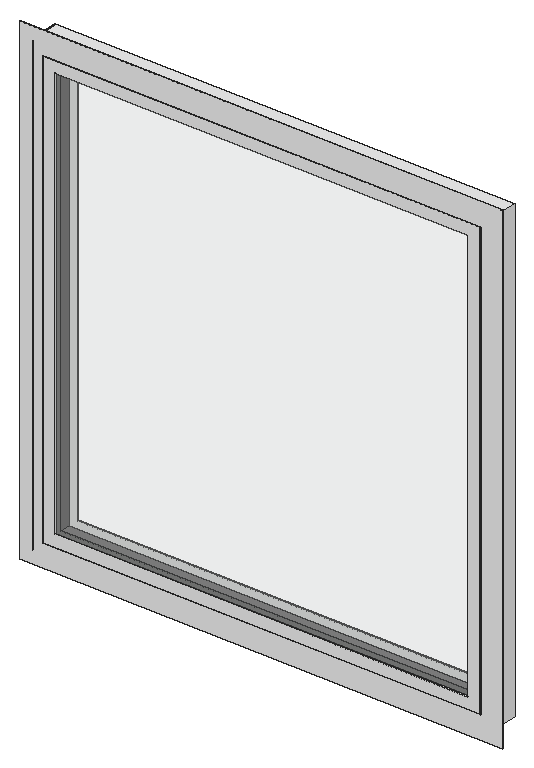
Revit family "Casement_30.5_A_Side_Hung_Custom", category Windows, host Wall, Revit 2014
Parameters (values of type "Casement_Sash_DG")
  Width Sash [instance] = 30 mm
  Width Sash Inner = 15 mm
  Width Bead = 15 mm
  Top Hung [instance] = yes
  Side Hung Right [instance] = yes
  Side Hung Left [instance] = yes
  Sash Opening Width [instance] = 600 mm
  Sash Opening Height [instance] = 600.312 mm
  Sash Lip = 15 mm
  Glazing Material [instance] = Glass
  DG Start Piece 2 [instance] = DG End Piece 1 + DG Gasket Thickness  # 25 mm
  DG Start Peice 1 [instance] = (Depth Sash - (2 * DG Glazing Thickness) - DG Gasket Thickness) / 2  # 6.6 mm
  Glazing Offset = 5 mm
  DG Glazing Thickness [instance] = 6.4 mm
  DG Gasket Thickness = 12 mm  # constant formula
  DG Gasket Material [instance] = Double Glazing Gasket Material
  DG End Piece 2 [instance] = DG Start Piece 2 + DG Glazing Thickness  # 31.4 mm
  DG End Piece 1 [instance] = DG Start Peice 1 + DG Glazing Thickness  # 13 mm
  Depth Sash [instance] = 38 mm
  Center Vertical Sash [instance] = Sash Opening Height / 2  # 300.156 mm
  Center Horizontal Sash [instance] = Sash Opening Width / 2  # 300 mm
  Bottom Hung [instance] = yes
  Bead Offset = 15 mm
  Aluminium Thickness = 1 mm
  Aluminium Material [instance] = White Powder Coated Aluminium
Reference planes
  plane 1 "Center (Front/Back)": y = 0
  plane 2: z = 0
  plane 3 "Center (Left/Right)": x = 0
Forms (mm)
  Sweep 1, solid, material "White Powder Coated Aluminium" <- "Aluminium Material"
    path origin (16.177, 0, 121.331) x (1, 0, 0) y (0, 0, 1)
      loop
        line (0, 0) -> (600, 0) -> (600, 600.312) -> (0, 600.312) -> (0, 0)
    profile origin (316.177, 0, 121.331) x (0, 0, 1) y (0, -1, 0)
      loop
        line (0, 0) -> (30, 0) -> (30, 1) -> (15, 1) -> (15, 38) -> (-15, 38) -> (-15, 37) -> (0, 37) -> (0, 0)
      loop
        line (14, 1) -> (14, 37) -> (1, 37) -> (1, 1) -> (14, 1)
  Sweep 2, solid, material "White Powder Coated Aluminium" <- "Aluminium Material"
    path origin (0, 0, 0) x (1, 0, 0) y (0, 0, 1)
      loop
        line (31.177, 706.643) -> (31.177, 136.331) -> (601.177, 136.331) -> (601.177, 706.643) -> (31.177, 706.643)
    profile origin (316.177, 0, 706.643) x (0, 0, 1) y (0, -1, 0)
      loop
        line (0, 37) -> (0, 38) -> (-15, 38) -> (-15, 37) -> (0, 37)
  Extrusion 3, solid, material "Glass" <- "Glazing Material"
    sketch origin (0, 0, 0) x (1, 0, 0) y (0, 0, 1)
      loop
        line (36.177, 701.643) -> (36.177, 141.331) -> (596.177, 141.331) -> (596.177, 701.643) -> (36.177, 701.643)
    from 6.6 <- "DG Start Peice 1" to 13 <- "DG End Piece 1"
  Extrusion 4, solid, material "Glass" <- "Glazing Material"
    sketch origin (0, 0, 0) x (1, 0, 0) y (0, 0, 1)
      loop
        line (36.177, 701.643) -> (36.177, 141.331) -> (596.177, 141.331) -> (596.177, 701.643) -> (36.177, 701.643)
    from 31.4 <- "DG End Piece 2" to 25 <- "DG Start Piece 2"
  Sweep 5, solid, material "Double Glazing Gasket Material" <- "DG Gasket Material"
    path origin (0, -13, 0) x (1, 0, 0) y (0, 0, 1)
      loop
        line (36.177, 701.643) -> (36.177, 141.331) -> (596.177, 141.331) -> (596.177, 701.643) -> (36.177, 701.643)
    profile origin (316.177, -13, 701.643) x (0, 0, 1) y (0, -1, 0)
      loop
        line (0, 0) -> (0, 12) -> (-7.96, 12) -> (-7.96, 0) -> (0, 0)
Lines and regions (mm)
  model lines
    curve 1: line (1.177, -38, 736.643) -> (31.177, -38, 706.643)
    curve 2: line (601.177, -38, 706.643) -> (631.177, -38, 736.643)
    curve 3: line (601.177, -38, 136.331) -> (631.177, -38, 106.331)
    curve 4: line (1.177, -38, 106.331) -> (31.177, -38, 136.331)
    curve 5: line (631.177, -37, 736.643) -> (616.177, -37, 721.643)
    curve 6: line (1.177, -37, 736.643) -> (16.177, -37, 721.643)
    curve 7: line (1.177, -37, 106.331) -> (16.177, -37, 121.331)
    curve 8: line (631.177, -37, 106.331) -> (616.177, -37, 121.331)
    curve 9: line (616.177, 0, 121.331) -> (586.177, 0, 151.331)
    curve 10: line (46.177, 0, 151.331) -> (16.177, 0, 121.331)
    curve 11: line (616.177, 0, 721.643) -> (586.177, 0, 691.643)
    curve 12: line (46.177, 0, 691.643) -> (16.177, 0, 721.643)
    curve 13: line (31.177, -38, 691.643) -> (46.177, -38, 691.643)
    curve 14: line (586.177, -38, 691.643) -> (601.177, -38, 691.643)
    curve 15: line (586.177, -38, 151.331) -> (601.177, -38, 151.331)
    curve 16: line (31.177, -38, 151.331) -> (46.177, -38, 151.331)
  model lines, style "GenericModelHiddenLines", visible <- "Top Hung"
    curve 17: line (46.386, -31.4, 690.914) -> (316.177, -31.4, 151.331)
    curve 18: line (316.177, -31.4, 151.331) -> (586.177, -31.4, 691.331)
  model lines, style "GenericModelHiddenLines", visible <- "Bottom Hung"
    curve 19: line (46.177, -31.4, 151.331) -> (316.177, -31.4, 691.331)
    curve 20: line (316.177, -31.4, 691.331) -> (586.177, -31.4, 151.331)
  model lines, style "GenericModelHiddenLines", visible <- "Side Hung Left"
    curve 21: line (46.386, -31.4, 690.914) -> (585.24, -31.4, 421.487)
    curve 22: line (585.24, -31.4, 421.487) -> (46.177, -31.4, 151.331)
  model lines, style "GenericModelHiddenLines", visible <- "Side Hung Right"
    curve 23: line (586.177, -31.4, 691.331) -> (46.177, -31.4, 421.487)
    curve 24: line (46.177, -31.4, 421.487) -> (586.177, -31.4, 151.331)
Dimensions and locks
  "Aluminium Thickness": Sweep 1 sketch curve to Sweep 1 sketch curve  (x4)
  "Depth Sash": Sweep 1 sketch curve to Sweep 1 sketch curve
  "Sash Opening Width": Sweep 1 to Sweep 1
  "Sash Opening Height": Sweep 1 to Sweep 1
  "Width Sash": Sweep 1 sketch curve to Sweep 1 sketch curve  (x2)
  "Width Sash Inner": Sweep 1 sketch curve to Sweep 1 sketch curve
  "Sash Lip": Sweep 1 sketch curve to Sweep 1 sketch curve
  "Aluminium Thickness": Sweep 1 to Sweep 2 sketch curve
  "Glazing Offset": Sweep 2 to Extrusion 3 sketch curve  (x3)
  "Glazing Offset": Extrusion 3 sketch curve to Sweep 2
  Sweep 1 to Sweep 1 = 1 mm
  "Aluminium Thickness": Sweep 2 sketch curve to Sweep 2 sketch curve
  "Width Bead": Sweep 2 sketch curve to Sweep 2 sketch curve
  locked: Sweep 5 sketch curve to Sweep 5 sketch curve at 7.96
  "Center Horizontal Sash": Sweep 1 to curve 18
  "Center Horizontal Sash": Sweep 1 to curve 20
  "Center Vertical Sash": Sweep 1 to curve 22
  "Center Vertical Sash": Sweep 1 to curve 24
  aligned and locked: level to plane 2
  aligned and locked: Sweep 1 sketch curve to Sweep 1 sketch curve  (x2)
  aligned and locked: Sweep 2 sketch curve to Sweep 1  (x5)
  aligned and locked: Extrusion 4 sketch curve to Extrusion 3  (x4)
  aligned and locked: Sweep 5 sketch curve to Extrusion 3  (x5)
  aligned and locked: Extrusion 3 to Sweep 5 sketch curve
Automatic sketch dimensions
  plane 3 "Center (Left/Right)" to Sweep 1 sketch curve = 16.177 mm
  level to Sweep 1 sketch curve = 121.331 mm
  plane 3 "Center (Left/Right)" to Sweep 1 sketch curve = 616.177 mm
  level to Sweep 1 sketch curve = 721.643 mm
  profile plane to Sweep 5 sketch curve = 12 mm
  curve 7 to Sweep 1 = 0 mm  (x4)
  curve 6 to Sweep 1 = 0 mm  (x3)
  Sweep 1 to curve 6 = 0 mm
  curve 5 to Sweep 1 = 0 mm  (x3)
  curve 8 to Sweep 1 = 0 mm  (x4)
  Sweep 1 to curve 5 = 0 mm
  curve 16 to Sweep 2 = 0 mm  (x3)
  curve 13 to Sweep 2 = 0 mm  (x3)
  curve 15 to Sweep 2 = 0 mm
  Sweep 2 to curve 15 = 0 mm  (x2)
  curve 14 to Sweep 2 = 0 mm  (x2)
  Sweep 2 to curve 14 = 0 mm
  curve 1 to Sweep 1 = 0 mm  (x4)
  curve 4 to Sweep 1 = 0 mm  (x3)
  Sweep 1 to curve 4 = 0 mm
  curve 3 to Sweep 1 = 0 mm  (x3)
  curve 2 to Sweep 1 = 0 mm  (x4)
  Sweep 1 to curve 3 = 0 mm
  curve 10 to Sweep 1 = 0 mm  (x4)
  curve 12 to Sweep 1 = 0 mm  (x3)
  Sweep 1 to curve 12 = 0 mm
  curve 9 to Sweep 1 = 0 mm  (x4)
  curve 11 to Sweep 1 = 0 mm  (x3)
  Sweep 1 to curve 11 = 0 mm
  Sweep 1 sketch curve to plane 1 "Center (Front/Back)" = 0 mm
  profile plane to Sweep 1 sketch curve = 0 mm
  curve 21 to Extrusion 4 = 10.208 mm
  curve 19 to Extrusion 4 = 10 mm
  curve 23 to Extrusion 4 = 10 mm  (x2)
  curve 22 to Extrusion 4 = 10.937 mm
  curve 20 to Extrusion 4 = 10 mm
  curve 24 to Extrusion 4 = 10 mm
  curve 22 to Extrusion 4 = 10 mm
  curve 18 to Extrusion 4 = 10 mm
  curve 21 to Extrusion 4 = 10.729 mm
  curve 19 to Extrusion 4 = 10.312 mm
  curve 18 to Extrusion 4 = 10.312 mm
